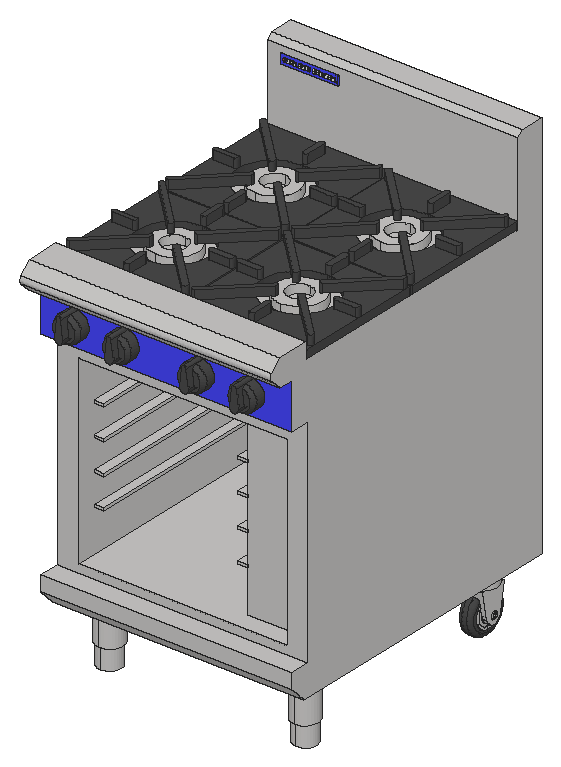
Revit family "QF_MOFFAT_BLUESEAL_CE_G514D-CB", category Specialty Equipment, Revit 2012 (continued)
Definition of nested family "GAS BURNER 600"
  Automatic sketch dimensions
    curve 50 to curve 33 = 35.975 mm
    curve 47 to curve 50 = 4.525 mm
    plane 8 "Center X" to curve 48 = 3.602 mm
    curve 50 to curve 33 = 5.975 mm
    plane 8 "Center X" to curve 53 = 6.398 mm
    curve 53 to curve 32 = 6.409 mm
    curve 53 to curve 54 = 6.40 mm
    curve 52 to curve 32 = 9.316 mm
    plane 1 "BACK" to curve 56 = 0.00 mm
    plane 7 "Center Y" to curve 57 = 1.00 mm
    curve 57 to curve 56 = 3.00 mm
    curve 59 to plane 8 "Center X" = 1.00 mm
    plane 7 "Center Y" to curve 59 = 4.00 mm
    plane 4 "RIGHT" to curve 55 = 4.00 mm
    plane 4 "RIGHT" to curve 59 = 4.00 mm
    plane 4 "RIGHT" to curve 60 = 1.00 mm
    plane 1 "BACK" to curve 64 = 0.00 mm
    curve 66 to plane 8 "Center X" = 1.00 mm
    plane 3 "LEFT" to curve 66 = 4.00 mm
    plane 3 "LEFT" to curve 63 = 4.00 mm
    plane 3 "LEFT" to curve 64 = 1.00 mm
    curve 70 to plane 7 "Center Y" = 4.00 mm
    curve 68 to plane 7 "Center Y" = 4.00 mm
    curve 70 to plane 7 "Center Y" = 1.00 mm
    plane 5 "FRONT" to curve 74 = 0.00 mm
    plane 3 "LEFT" to curve 72 = 1.00 mm
    plane 3 "LEFT" to curve 74 = 4.00 mm
    curve 71 to curve 66 = 0.00 mm
    curve 75 to plane 7 "Center Y" = 4.00 mm
    curve 78 to plane 7 "Center Y" = 4.00 mm
    curve 77 to plane 7 "Center Y" = 1.00 mm
    curve 78 to curve 67 = 6.00 mm
    plane 5 "FRONT" to curve 82 = 0.00 mm
    plane 7 "Center Y" to curve 80 = 1.00 mm
    plane 7 "Center Y" to curve 82 = 4.00 mm
    curve 79 to curve 59 = 0.00 mm  (x2)
    plane 4 "RIGHT" to curve 83 = 4.00 mm
    plane 4 "RIGHT" to curve 84 = 1.00 mm
    curve 78 to curve 80 = 0.00 mm
    curve 35 to curve 88 = 26.924 mm
    curve 89 to curve 88 = 4.525 mm
    plane 8 "Center X" to curve 90 = 3.602 mm
    curve 90 to curve 68 = 11.153 mm
    curve 89 to curve 90 = 4.525 mm
    curve 35 to curve 89 = 21.025 mm
    plane 3 "LEFT" to curve 94 = 6.102 mm
    curve 94 to curve 94 = 4.525 mm
    curve 92 to curve 38 = 35.966 mm
    curve 92 to curve 92 = 4.525 mm
    plane 8 "Center X" to curve 91 = 3.602 mm
    curve 188 to curve 92 = 21.025 mm
    plane 3 "LEFT" to curve 98 = 8.898 mm
    curve 97 to curve 97 = 49.204 mm
    curve 93 to curve 98 = 20.524 mm
    curve 95 to curve 98 = 6.40 mm
    plane 3 "LEFT" to curve 102 = 6.102 mm
    curve 99 to curve 102 = 4.525 mm
    curve 100 to curve 36 = 35.975 mm
    curve 99 to curve 100 = 4.525 mm
    curve 36 to curve 100 = 26.924 mm
    curve 102 to curve 64 = 28.653 mm
    curve 35 to curve 103 = 0.00 mm  (x2)
    curve 35 to curve 104 = 27.00 mm
    curve 107 to curve 38 = 6.391 mm
    curve 107 to curve 108 = 6.40 mm
    plane 8 "Center X" to curve 108 = 6.398 mm
    curve 106 to curve 216 = 9.316 mm
    curve 112 to curve 107 = 0.00 mm
    curve 111 to curve 110 = 6.40 mm
    curve 111 to plane 8 "Center X" = 60.602 mm
    curve 110 to plane 8 "Center X" = 11.398 mm
    curve 109 to curve 114 = 20.524 mm
    curve 114 to curve 114 = 4.525 mm
    curve 116 to curve 78 = 11.153 mm
    curve 116 to curve 116 = 4.525 mm
    curve 115 to curve 109 = 64.974 mm
    curve 116 to curve 78 = 10.653 mm
    plane 3 "LEFT" to curve 118 = 6.102 mm
    curve 118 to curve 118 = 4.525 mm
    curve 120 to curve 113 = 62.898 mm
    curve 119 to curve 120 = 4.525 mm
    curve 120 to curve 113 = 9.051 mm
    curve 119 to curve 72 = 10.653 mm
    plane 3 "LEFT" to curve 121 = 8.898 mm
    curve 121 to curve 124 = 49.204 mm
    curve 123 to curve 120 = 33.324 mm
    curve 123 to curve 124 = 6.40 mm
    plane 3 "LEFT" to curve 126 = 6.102 mm
    curve 125 to curve 126 = 4.525 mm
    curve 125 to curve 119 = 0.00 mm
    curve 125 to curve 128 = 4.525 mm
    curve 74 to curve 127 = 19.602 mm
    curve 127 to curve 119 = 62.898 mm
    curve 127 to curve 130 = 20.524 mm
    curve 131 to curve 132 = 6.40 mm
    curve 132 to plane 5 "FRONT" = 25.398 mm
    curve 132 to curve 131 = 47.704 mm
    curve 127 to curve 136 = 53.847 mm
    curve 133 to curve 136 = 4.525 mm
    curve 134 to plane 7 "Center Y" = 15.153 mm
    curve 133 to curve 134 = 4.525 mm
    curve 76 to curve 134 = 19.602 mm
    curve 127 to curve 136 = 0.00 mm
    curve 208 to curve 130 = 0.009 mm
    curve 130 to curve 208 = 9.316 mm
    curve 137 to curve 120 = 29.949 mm
    curve 137 to curve 200 = 0.009 mm
    curve 208 to curve 139 = 29.082 mm
    curve 137 to curve 203 = 2.00 mm
    curve 203 to curve 141 = 0.00 mm  (x2)
    curve 139 to curve 142 = 27.00 mm
    curve 144 to plane 7 "Center Y" = 58.102 mm
    curve 143 to plane 7 "Center Y" = 8.898 mm
    curve 135 to curve 144 = 20.524 mm
    curve 144 to curve 144 = 6.40 mm
    plane 7 "Center Y" to curve 149 = 6.102 mm
    curve 148 to curve 148 = 4.525 mm
    plane 7 "Center Y" to curve 150 = 114.025 mm
    curve 149 to curve 150 = 4.525 mm
    curve 143 to curve 150 = 20.524 mm
    curve 149 to curve 80 = 10.653 mm
    curve 151 to curve 53 = 0.00 mm
    curve 151 to curve 154 = 6.40 mm
    curve 152 to plane 8 "Center X" = 60.602 mm
    curve 151 to plane 8 "Center X" = 11.398 mm
    curve 150 to curve 156 = 53.847 mm
    curve 156 to curve 156 = 4.525 mm
    curve 155 to curve 86 = 11.153 mm
    curve 155 to curve 158 = 4.525 mm
    curve 157 to curve 150 = 9.051 mm
    curve 158 to curve 86 = 10.653 mm
    plane 4 "RIGHT" to curve 160 = 58.102 mm
    plane 4 "RIGHT" to curve 159 = 8.898 mm
    curve 161 to curve 156 = 33.324 mm
    curve 160 to curve 160 = 6.40 mm
    curve 164 to curve 156 = 9.051 mm
    curve 164 to curve 164 = 4.525 mm
    plane 4 "RIGHT" to curve 165 = 15.153 mm
    curve 165 to curve 166 = 4.525 mm
    curve 84 to curve 165 = 19.602 mm
    curve 164 to curve 156 = 62.898 mm
    plane 7 "Center Y" to curve 170 = 6.102 mm
    curve 170 to curve 170 = 4.525 mm
    curve 168 to curve 150 = 0.00 mm
    curve 168 to curve 168 = 4.525 mm  (x2)
    curve 82 to curve 170 = 19.602 mm
    curve 167 to curve 164 = 0.00 mm
    plane 7 "Center Y" to curve 171 = 8.898 mm
    curve 174 to curve 172 = 49.204 mm
    curve 169 to curve 172 = 20.524 mm
    curve 171 to curve 172 = 6.40 mm
    curve 167 to curve 176 = 20.524 mm
    curve 178 to curve 178 = 6.40 mm
    curve 177 to plane 5 "FRONT" = 25.398 mm
    curve 175 to curve 175 = 47.704 mm
    curve 180 to curve 156 = 31.44 mm
    curve 176 to curve 180 = 9.316 mm
    curve 180 to curve 156 = 29.949 mm
    curve 182 to curve 179 = 0.009 mm
    curve 195 to curve 181 = 29.082 mm
    curve 179 to curve 181 = 2.00 mm
    curve 181 to curve 183 = 0.00 mm  (x2)
    curve 181 to curve 184 = 27.00 mm
    curve 37 to curve 38 = 0.00 mm  (x2)
    curve 185 to curve 100 = 22.227 mm
    curve 37 to curve 185 = 0.00 mm
    curve 2 to curve 37 = 22.219 mm
    curve 35 to curve 36 = 0.00 mm  (x2)
    curve 88 to curve 35 = 3.923 mm
    curve 35 to curve 211 = 0.00 mm
    curve 193 to curve 92 = 13.004 mm
    curve 29 to curve 30 = 0.00 mm  (x2)
    curve 189 to curve 10 = 13.126 mm
    curve 29 to curve 189 = 0.00 mm  (x2)
    curve 18 to curve 190 = 4.076 mm
    curve 29 to curve 190 = 0.00 mm
    curve 29 to curve 191 = 0.00 mm  (x2)
    curve 26 to curve 29 = 3.923 mm
    curve 189 to curve 50 = 13.004 mm
    curve 35 to curve 188 = 0.00 mm
    curve 35 to curve 193 = 0.00 mm  (x2)
    curve 193 to curve 100 = 13.126 mm
    curve 179 to curve 180 = 0.00 mm  (x2)
    curve 156 to curve 194 = 33.052 mm
    curve 179 to curve 194 = 0.00 mm  (x2)
    curve 179 to curve 195 = 0.00 mm
    curve 181 to curve 198 = 0.00 mm  (x2)
    curve 164 to curve 181 = 2.142 mm
    curve 181 to curve 196 = 0.00 mm  (x2)
    curve 198 to curve 168 = 11.581 mm
    curve 181 to curve 182 = 0.00 mm  (x2)
    curve 182 to curve 150 = 5.985 mm
    curve 181 to curve 197 = 0.00 mm
    curve 156 to curve 196 = 14.64 mm
    curve 203 to curve 140 = 0.00 mm  (x2)
    curve 114 to curve 200 = 5.985 mm
    curve 203 to curve 200 = 0.00 mm
    curve 201 to curve 120 = 14.64 mm
    curve 203 to curve 201 = 0.00 mm  (x2)
    curve 201 to curve 128 = 11.581 mm
    curve 139 to curve 140 = 0.00 mm  (x2)
    curve 136 to curve 139 = 2.142 mm
    curve 137 to curve 138 = 0.00 mm  (x2)
    curve 203 to curve 137 = 9.467 mm
    curve 137 to curve 204 = 0.00 mm  (x2)
    curve 137 to curve 204 = 8.936 mm
    curve 137 to curve 205 = 0.00 mm
    curve 205 to curve 140 = 18.13 mm
    curve 206 to curve 205 = 8.937 mm
    curve 206 to curve 205 = 9.165 mm
    curve 137 to curve 206 = 0.00 mm  (x2)
    curve 138 to curve 201 = 11.124 mm
    curve 139 to curve 202 = 0.00 mm  (x2)
    curve 202 to curve 202 = 1.784 mm
    curve 137 to curve 208 = 0.00 mm
    curve 203 to curve 204 = 20.253 mm
    curve 208 to curve 204 = 9.136 mm
    curve 208 to curve 204 = 8.967 mm
    curve 139 to curve 207 = 0.00 mm
    curve 139 to curve 203 = 9.439 mm
    curve 202 to curve 207 = 4.893 mm
    curve 207 to curve 202 = 4.003 mm
    curve 206 to curve 138 = 9.138 mm
    curve 138 to curve 206 = 8.965 mm
    curve 201 to curve 202 = 2.762 mm
    curve 202 to curve 201 = 2.96 mm
    curve 206 to curve 201 = 18.412 mm
    curve 203 to curve 136 = 6.958 mm
    curve 200 to curve 203 = 8.655 mm
    curve 201 to curve 140 = 9.447 mm
    curve 179 to curve 209 = 0.00 mm
    curve 210 to curve 182 = 27.057 mm
    curve 179 to curve 210 = 0.00 mm  (x2)
    curve 180 to curve 197 = 25.774 mm
    curve 181 to curve 199 = 0.00 mm
    curve 180 to curve 198 = 16.335 mm
    curve 198 to curve 182 = 8.655 mm
    curve 198 to curve 169 = 6.958 mm
    curve 199 to curve 196 = 8.655 mm
    curve 196 to curve 199 = 9.447 mm
    curve 181 to curve 196 = 9.439 mm
    curve 181 to curve 196 = 8.668 mm
    curve 210 to curve 209 = 8.936 mm
    curve 195 to curve 194 = 9.138 mm
    curve 179 to curve 194 = 8.937 mm
    curve 194 to curve 179 = 9.165 mm
    curve 195 to curve 194 = 8.965 mm
    curve 35 to curve 187 = 0.00 mm  (x2)
    curve 2 to curve 187 = 13.126 mm
    curve 31 to curve 32 = 0.00 mm  (x2)
    curve 212 to curve 189 = 9.093 mm
    curve 31 to curve 212 = 0.00 mm
    curve 190 to curve 31 = 18.152 mm
    curve 31 to curve 213 = 0.00 mm  (x2)
    curve 29 to curve 214 = 19.967 mm
    curve 31 to curve 214 = 0.00 mm
    curve 31 to curve 215 = 0.00 mm  (x2)
    curve 32 to curve 192 = 19.959 mm
    curve 31 to curve 213 = 9.204 mm
    curve 29 to curve 192 = 0.00 mm
    curve 190 to curve 191 = 9.051 mm
    curve 214 to curve 213 = 8.97 mm
    curve 214 to curve 213 = 9.134 mm
    curve 29 to curve 191 = 9.081 mm
    curve 29 to curve 191 = 9.019 mm
    curve 32 to curve 189 = 10.878 mm
    curve 192 to curve 189 = 9.019 mm
    curve 215 to curve 32 = 8.969 mm
    curve 32 to curve 215 = 9.135 mm
    curve 215 to curve 212 = 9.203 mm
    curve 215 to curve 212 = 8.899 mm
    curve 189 to curve 30 = 9.051 mm  (x2)
    curve 37 to curve 186 = 0.00 mm  (x2)
    curve 187 to curve 186 = 19.847 mm
    curve 37 to curve 216 = 0.00 mm
    curve 216 to curve 186 = 8.969 mm
    curve 35 to curve 187 = 9.081 mm
    curve 193 to curve 188 = 9.081 mm
    curve 188 to curve 193 = 9.019 mm
    curve 37 to curve 217 = 0.00 mm  (x2)
    curve 38 to curve 193 = 10.886 mm
    curve 217 to curve 38 = 8.97 mm
    curve 38 to curve 217 = 9.134 mm
    curve 217 to curve 185 = 9.204 mm
    curve 216 to curve 186 = 9.135 mm
    curve 37 to curve 186 = 9.203 mm
    curve 186 to curve 37 = 8.899 mm
    curve 211 to curve 187 = 9.051 mm
    curve 187 to curve 87 = 8.754 mm
    curve 193 to curve 36 = 9.051 mm
    curve 2 to curve 211 = 8.601 mm
    radius of Extrusion 1 sketch curve = 84.082 mm  (x2)
    radius of Extrusion 4 sketch curve = 84.082 mm  (x2)
